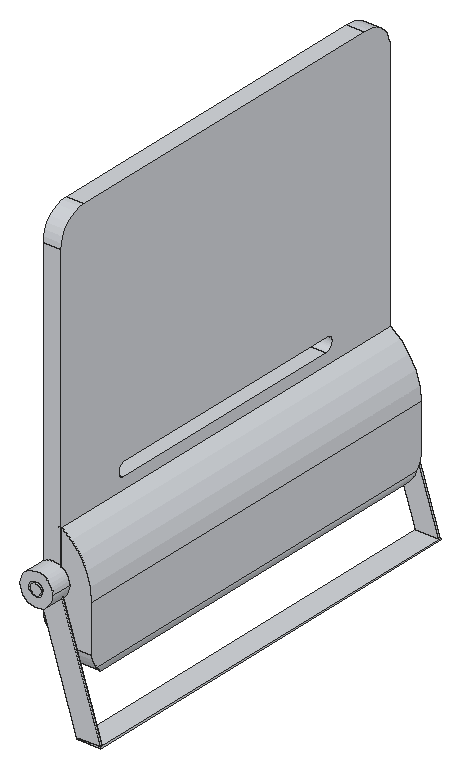
Revit family "2824078", category Generic Models, host Face, Revit 2018
Family settings
  Host = Face
  Can host rebar = No
  Round Connector Dimension = Use Diameter
  Part Type = Normal
  OmniClass Number = 23.80.70.00
  OmniClass Title = Lighting
  Cut with Voids When Loaded = No
  Shared = No
  Room Calculation Point = No
Parameters (values of type "Type Name")
  rotation axis = 142.4 mm
  bracket width = 588 mm
  URL = "http://www.sylvania-lighting.com"
  Type Image = <None>
  Type Comments = "n/a"
  Material_3_SYL = none
  Model = ""
  Manufacturer = "Feilo Sylvania"
  Keynote = ""
  Material_2_SYL = none
  Height = 157.859 mm
  Description = ""
  Default Elevation = 1219.2 mm
  Cost = 0
  Material_1_SYL = none
  Bracket Height = 195 mm
  Assembly Code = ""
  Material_4_SYL = none
Reference planes
  plane 1 "Center (Front/Back)": y = 0
  plane 2: z = 0
  plane 3 "Center (Left/Right)": x = 0
  plane 4: x = -16.5
  plane 5: x = 16.5
  plane 6: z = 155
  plane 7: x = -51.5
  plane 8: z = 137
  plane 9 "Rotation Axis": z = 142.4
  plane 10: z = 152.35
  plane 11: z = 195
  plane 12: x = -73.847
  plane 13: y = 294
  plane 14: y = -294
  plane 15: through (-72.693, -4572, 174.07) normal (-0.3105, 0, 0.9506)
  plane 16: through (-63.557, -4572, 193.954) normal (0.9506, 0, 0.3105)
  plane 17: y = 312
  plane 18: y = 288
  plane 19: y = -312
  plane 20: y = -286
  plane 21: z = 68.797
Forms (mm)
  Extrusion 1, solid, detail levels medium+fine
    sketch origin (0, 0, 0) x (1, 0, 0) y (0, 1, 0)
      loop
        line (-16.5, 294) -> (-16.5, -294) -> (16.5, -294) -> (16.5, 294) -> (-16.5, 294)
    from 0 to 2
  Extrusion 2, solid, detail levels medium+fine
    sketch origin (1524, -474.9, 1220.035) x (1, 0, 0) y (0, 0, 1)
      loop
        line (-1540.496, -1218.035) -> (-1507.966, -1218.035) -> (-1567.674, -1035.217)
        arc (-1567.674, -1035.217) -> (-1587.557, -1026.081) -> (-1596.693, -1045.965) r 15.473
        line (-1596.693, -1045.965) -> (-1540.496, -1218.035)
    from -180.9 to -182.9
  Extrusion 3, solid, detail levels medium+fine
    sketch origin (0, 0, 0.069) x (1, 0, 0) y (0, 0, 1)
      loop
        line (-16.39, 1.931) -> (16.139, 1.931) -> (-43.636, 184.958)
        arc (-43.636, 184.958) -> (-63.457, 193.922) -> (-72.656, 174.21) r 15.474
        line (-72.656, 174.21) -> (-16.39, 1.931)
    from -294 to -292
  Extrusion 4, solid, detail levels medium+fine
    sketch origin (-6.388, 0, 36.204) x (1, 0, 0) y (0, 0, 1)
      loop
        circle (-51.99, 142.374) r 22.5
    from -286.248 to -312
  Extrusion 5, solid, detail levels medium+fine
    sketch origin (-6.358, 0, 36.195) x (1, 0, 0) y (0, 0, 1)
      loop
        circle (-51.99, 142.374) r 22.5
    from 283.024 to 312
  Extrusion 6, void
    sketch origin (-6.561, 0, 36.284) x (1, 0, 0) y (0, 0, 1)
      loop
        circle (-51.99, 142.374) r 10
    from 294 to 312
  Extrusion 7, solid, detail levels fine
    sketch origin (-6.561, 0, 36.201) x (1, 0, 0) y (0, 0, 1)
      loop
        circle (-51.99, 142.374) r 7.5
    from 294 to 312
  Extrusion 8, void
    sketch origin (1517.357, -324.9, 1255.472) x (1, 0, 0) y (0, 0, 1)
      loop
        circle (-1575.99, -1076.826) r 10
    from -636.9 to -618.9
  Extrusion 9, solid, detail levels fine
    sketch origin (1517.42, -324.9, 1255.374) x (1, 0, 0) y (0, 0, 1)
      loop
        circle (-1575.99, -1076.826) r 7.5
    from -636.9 to -618.9
  Revolve 10, solid, not visible, detail levels coarse
    sketch origin (-58.257, 1655.459, 1254.912) x (0, 1, 0) y (0, 0, 1)
      loop
        line (-1369.21, -1054.349) -> (-1379.437, -1054.349) -> (-1379.437, -1074.349) -> (-1369.21, -1074.349) -> (-1369.21, -1054.349)
      axis (-1369.21, -1076.8) -> (-1379.437, -1076.8)
    angle from 0 to 180
Cuts and joins
  Extrusion 6 cuts Extrusion 5
  Extrusion 8 cuts Extrusion 4
Dimensions and locks
  "Bracket Height": plane 11 to level
  "bracket width": plane 14 to plane 13
  equal spacing: plane 14, plane 1 "Center (Front/Back)", plane 13
  aligned and locked: plane 2 to host face
  aligned and locked: level to host face
Automatic sketch dimensions
  host sketch curve to host sketch curve = 2438.4 mm  (x2)
  Extrusion 1 sketch curve to plane 4 = 0 mm
  Extrusion 1 sketch curve to plane 5 = 0 mm
  Extrusion 4 sketch curve to plane 9 "Rotation Axis" = 36.178 mm
  Extrusion 5 sketch curve to plane 9 "Rotation Axis" = 36.169 mm
  Extrusion 6 sketch curve to plane 9 "Rotation Axis" = 36.258 mm
  Extrusion 7 sketch curve to plane 9 "Rotation Axis" = 36.175 mm
  Extrusion 8 sketch curve to plane 9 "Rotation Axis" = 36.246 mm
  Extrusion 9 sketch curve to plane 9 "Rotation Axis" = 36.148 mm
  Revolve 10 sketch curve to plane 9 "Rotation Axis" = 35.712 mm
  Revolve 10 sketch curve to Revolve 10 sketch curve = 10.227 mm
  Revolve 10 sketch curve to plane 9 "Rotation Axis" = 38.163 mm
  plane 6 to Revolve 10 sketch curve = 45.563 mm
  Revolve 10 sketch curve to Revolve 10 sketch curve = 62.43 mm
  Revolve 10 sketch curve to Revolve 10 sketch curve = 22.367 mm
  plane 12 to Extrusion 2 sketch curve = 1.154 mm
  plane 7 to Extrusion 2 sketch curve = 6.684 mm
  Extrusion 2 sketch curve to plane 7 = 7.826 mm
  plane 4 to Extrusion 2 sketch curve = 0.004 mm
  level to Extrusion 2 sketch curve = 2 mm
  plane 6 to Extrusion 2 sketch curve = 19.07 mm
  Extrusion 2 sketch curve to Extrusion 2 sketch curve = 5.374 mm
  Extrusion 2 sketch curve to plane 5 = 0.466 mm
  plane 12 to Extrusion 3 sketch curve = 1.191 mm
  plane 7 to Extrusion 3 sketch curve = 6.582 mm
  Extrusion 3 sketch curve to plane 7 = 7.864 mm
  plane 4 to Extrusion 3 sketch curve = 0.11 mm
  Extrusion 3 sketch curve to plane 5 = 0.361 mm
  level to Extrusion 3 sketch curve = 2 mm
  Extrusion 3 sketch curve to Extrusion 3 sketch curve = 5.202 mm
  Extrusion 3 sketch curve to plane 11 = 9.973 mm
  plane 7 to Extrusion 6 sketch curve = 7.052 mm
  plane 7 to Extrusion 7 sketch curve = 7.051 mm
  plane 7 to Extrusion 9 sketch curve = 7.07 mm
  plane 7 to Extrusion 4 sketch curve = 6.879 mm
  plane 7 to Extrusion 5 sketch curve = 6.848 mm
  plane 7 to Extrusion 8 sketch curve = 7.133 mm
  Extrusion 1 sketch curve to plane 13 = 0 mm
  Extrusion 1 sketch curve to plane 14 = 0 mm
  Revolve 10 sketch curve to plane 18 = 11.979 mm
  radius of Extrusion 4 sketch curve = 22.5 mm
  radius of Extrusion 5 sketch curve = 22.5 mm
  radius of Extrusion 6 sketch curve = 10 mm
  radius of Extrusion 7 sketch curve = 7.5 mm
  radius of Extrusion 8 sketch curve = 10 mm
  radius of Extrusion 9 sketch curve = 7.5 mm
Nested families
  nested 1: "2824078" at (-58.257, -66.148, 322.5) x (0, 1, 0) z (1, 0, 0), type "2824078 RAIDEN IP66 40KLM 840 ASYM"
    with built-in parameter 1114216 (empty or 0)
Definition of nested family "2824078"
  Parameters (values of type "2824078 RAIDEN IP66 40KLM 840 ASYM")
    height = 60 mm
    Width = 319 mm
    Wattage Comments = "n/a"
    Wattage = 9.2903 W
    built-in parameter 1150110 = 1 (stored number, unit not read)
    URL = "0.95"
    Type Image = (empty or 0)
    Type Comments = "n/a"
    built-in parameter 1114217 = 1 (stored number, unit not read)
    Tilt Angle = -90.00°
    built-in parameter 1150109 = 1 (stored number, unit not read)
    built-in parameter 1150134 = 3
    built-in parameter 1150113 = 1 (stored number, unit not read)
    Photometric Web File = "2824078.IES"
    Material_3_SYL = none
    Model = "Raiden IP66 40KLM 840 Asymmetric Wide"
    Manufacturer = ""
    built-in parameter 1150105 = 109.82 (stored number, unit not read)
    Lumens = 1380 lm
    built-in parameter 1150115 = 1 (stored number, unit not read)
    built-in parameter 1150137 = (empty or 0)
    built-in parameter 1150139 = (empty or 0)
    Length = 511 mm
    built-in parameter 1150112 = 1 (stored number, unit not read)
    built-in parameter 1150114 = 1 (stored number, unit not read)
    Lamp = "n/a"
    Keynote = "n/a"
    Material_2_SYL = none
    built-in parameter 1150132 = (empty or 0)
    built-in parameter 1150102 = (empty or 0)
    built-in parameter 1150107 = 3200 (stored number, unit not read)
    built-in parameter 1150138 = (empty or 0)
    built-in parameter 1150106 = 1.0982 (stored number, unit not read)
    Emit from Circle Diameter = 609.6 mm
    Emit Shape Visible in Rendering = no
    built-in parameter 1150104 = 13.8 (stored number, unit not read)
    Dimming Lamp Color Temperature Shift = (empty or 0)
    Description = "Outdoor and indoor floodlight range with in house design, comes complete with 1m flying lead and adjustable bracket, aluminium housing, RAL 9022 - Pearl light grey, clear glass diffuser, IP66, IK08, Class I, 4000K, Non-dimming, 38900lm, 294W, 132lm/W, CRI80, Asymmetric Wide beam angle 110*50°, 100000 hrs L80B50 lifespan, 561x569x76mm (LxWxH) dimensions, 13.4kg weight."
    Default Elevation = 1219.2 mm
    Cost = 0
    Color Filter = 16777215
    built-in parameter 1114216 [instance] = (empty or 0)
    Material_1_SYL = none
    Body Length = 561 mm
    built-in parameter 1114218 = 1 (stored number, unit not read)
    built-in parameter 1150133 = 10 (stored number, unit not read)
    Assembly Code = "D5020200"
    Apparent Load = 294 VA
    Material_4_SYL = none
  Reference planes
    plane 1 "Center (Front/Back)": y = 2.5
    plane 2: z = 0.95
    plane 3 "Center (Left/Right)": x = 68.124
    plane 4: z = -14.05
    plane 5: z = 15.95
    plane 6: z = 0.95
    plane 7: z = 45.95
    plane 8: y = -253
    plane 9: y = -56
    plane 10: x = 253.624
    plane 11: x = -117.376
    plane 12: x = -123.376
    plane 13: y = -226
    plane 14: y = -76
    plane 15: y = -41.5
    plane 16: y = -213
    plane 17: x = 187.624
    plane 18: x = 259.624
    plane 19: x = 352.624
    plane 20: x = -216.376
    plane 21: x = -194.376
    plane 22: x = 330.624
    plane 23: y = 308
    plane 24: y = 286
    plane 25: x = 322.624
  Forms (mm)
    Extrusion 1, solid
      sketch origin (26.073, 0, 0.95) x (1, 0, 0) y (0, 1, 0)
        loop
          line (-1219.2, 1219.2) -> (-1219.2, -1219.2) -> (1219.2, -1219.2) -> (1219.2, 1219.2) -> (-1219.2, 1219.2)
      from 0 to -68.017
    Extrusion 2, solid, detail levels medium+fine
      sketch origin (83.124, -34.451, 0.95) x (1, 0, 0) y (0, 1, 0)
        loop
          line (-299.5, 302.451) -> (-299.5, -151.549)
          arc (-299.5, -151.549) -> (-287.784, -179.833) -> (-259.5, -191.549) r 40
          line (-259.5, -191.549) -> (229.5, -191.549)
          arc (229.5, -191.549) -> (257.784, -179.833) -> (269.5, -151.549) r 40
          line (269.5, -151.549) -> (269.5, 303.451)
          arc (269.5, 303.451) -> (256.273, 332.849) -> (225.5, 342.451) r 39.284
          line (225.5, 342.451) -> (-259.5, 342.451)
          arc (-259.5, 342.451) -> (-287.784, 330.735) -> (-299.5, 302.451) r 40
      from -15 to 9.702
    Extrusion 3, solid, detail levels medium+fine
      sketch origin (402.124, 1489.549, 1205.15) x (0, 1, 0) y (0, 0, 1)
        loop
          line (-1644.468, -1151.519) -> (-1728.014, -1151.519)
          arc (-1728.014, -1151.519) -> (-1739.904, -1157.404) -> (-1742.436, -1170.427) r 14.954
          line (-1742.436, -1170.427) -> (-1715.549, -1219.2) -> (-1565.549, -1219.2) -> (-1565.549, -1194.2)
          arc (-1565.549, -1194.2) -> (-1599.607, -1162.873) -> (-1644.468, -1151.519) r 94.303
      from -618.5 to -49.5
    Extrusion 4, void
      sketch origin (81.72, -11.578, 0.95) x (1, 0, 0) y (0, 1, 0)
        loop
          arc (-276.096, 29.078) -> (-271.703, 18.471) -> (-261.096, 14.078) r 15
          line (-261.096, 14.078) -> (233.904, 14.078)
          arc (233.904, 14.078) -> (244.51, 18.471) -> (248.904, 29.078) r 15
          line (248.904, 29.078) -> (248.904, 282.578)
          arc (248.904, 282.578) -> (244.51, 293.184) -> (233.904, 297.578) r 15
          line (233.904, 297.578) -> (-261.096, 297.578)
          arc (-261.096, 297.578) -> (-271.703, 293.184) -> (-276.096, 282.578) r 15
          line (-276.096, 282.578) -> (-276.096, 29.078)
      from -16.268 to -10.594
    Extrusion 5, solid, detail levels fine
      sketch origin (83.124, 0.218, 0.95) x (1, 0, 0) y (0, 1, 0)
        loop
          arc (-262.5, 285.782) -> (-273.107, 281.388) -> (-277.5, 270.782) r 15
          line (-277.5, 270.782) -> (-277.5, 17.282)
          arc (-277.5, 17.282) -> (-273.107, 6.675) -> (-262.5, 2.282) r 15
          line (-262.5, 2.282) -> (232.5, 2.282)
          arc (232.5, 2.282) -> (243.107, 6.675) -> (247.5, 17.282) r 15
          line (247.5, 17.282) -> (247.5, 270.782)
          arc (247.5, 270.782) -> (243.107, 281.388) -> (232.5, 285.782) r 15
          line (232.5, 285.782) -> (-262.5, 285.782)
      from -12.231 to -10.594
    Extrusion 6, void
      sketch origin (58.977, -53.062, 0.95) x (1, 0, 0) y (0, 1, 0)
        loop
          arc (184.512, -8.423) -> (194.512, 1.577) -> (184.512, 11.577) r 10
          line (184.512, 11.577) -> (-166.339, 11.577)
          arc (-166.339, 11.577) -> (-176.339, 1.577) -> (-166.339, -8.423) r 10
          line (-166.339, -8.423) -> (184.512, -8.423)
      from -18.734 to 12.525
    Extrusion 7, void
      sketch origin (68.124, -34.451, 0) x (0, 1, 0) y (0, 0, 1)
        loop
          line (-253.049, 15.95) -> (-253.049, -34.125) -> (-191.549, -30.902) -> (-191.549, 15.95) -> (-253.049, 15.95)
      from 191.5 to 306.113
    Extrusion 8, void
      sketch origin (68.124, -34.451, 0) x (0, 1, 0) y (0, 0, 1)
        loop
          line (-191.549, 15.95) -> (-275.432, 15.95) -> (-275.432, -28.004) -> (-191.549, -28.004) -> (-191.549, 15.95)
      from -308.216 to -191.5
    Extrusion 9, void
      sketch origin (-101.376, -126, 0.95) x (1, 0, 0) y (0, 1, 0)
        loop
          line (-115, -60) -> (-115, -100) -> (-75, -100)
          arc (-75, -100) -> (-103.284, -88.284) -> (-115, -60) r 40
      from -22.043 to 15
    Extrusion 10, void
      sketch origin (216.954, 19.065, 0.95) x (1, 0, 0) y (0, 1, 0)
        loop
          line (95.67, -245.065) -> (135.67, -245.065) -> (135.67, -205.065)
          arc (135.67, -205.065) -> (123.954, -233.349) -> (95.67, -245.065) r 40
      from -24.354 to 15
    Extrusion 11, solid, detail levels medium+fine
      sketch origin (1742.042, -359.351, 1205.129) x (1, 0, 0) y (0, 0, 1)
        loop
          circle (-1419.5, -1204.2) r 11
      from -140.977 to -106.464
    Extrusion 12, void
      sketch origin (-125, 0, 0.95) x (1, 0, 0) y (0, 1, 0)
        loop
          line (-91.376, -186) -> (-91.376, -226) -> (-51.376, -226)
          arc (-51.376, -226) -> (-79.66, -214.284) -> (-91.376, -186) r 40
      from -15 to 15
    Extrusion 13, void
      sketch origin (-125.5, 7.123, 0.95) x (1, 0, 0) y (0, 1, 0)
        loop
          line (-91.376, -221) -> (-91.376, -261) -> (-51.376, -261)
          arc (-51.376, -261) -> (-79.66, -249.284) -> (-91.376, -221) r 40
      from 0 to 100
    Extrusion 14, void
      sketch origin (125, 3.379, 0.95) x (1, 0, 0) y (0, 1, 0)
        loop
          arc (227.624, -217.683) -> (215.905, -245.976) -> (187.612, -257.696) r 40.012
          line (187.612, -257.696) -> (227.624, -257.696) -> (227.624, -217.683)
      from 12.525 to 100
    Extrusion 15, solid, detail levels coarse
      sketch origin (0, 0, 0.95) x (1, 0, 0) y (0, 1, 0)
        loop
          line (-216.376, 308) -> (-216.376, -252.887) -> (352.624, -252.887) -> (352.624, 308) -> (-216.376, 308)
      from -15 to 52.681
  Cuts and joins
    Extrusion 4, Extrusion 6, Extrusion 7, Extrusion 8, Extrusion 9, Extrusion 10, Extrusion 12 cuts Extrusion 2
    Extrusion 6, Extrusion 7, Extrusion 8, Extrusion 9, Extrusion 10, Extrusion 12, Extrusion 13, Extrusion 14 cuts Extrusion 3
    Extrusion 14 cuts Extrusion 11
  Dimensions and locks
    "height": plane 4 to plane 7
    plane 1 "Center (Front/Back)" to plane 8 = 255.5 mm
    Extrusion 15 to Extrusion 2 = 534 mm
    plane 1 "Center (Front/Back)" to Extrusion 5 = 283.5 mm
    "Body Length": plane 23 to plane 8
    aligned and locked: plane 2 to Extrusion 1
    aligned and locked: level to Extrusion 1
  Automatic sketch dimensions
    Extrusion 1 sketch curve to Extrusion 1 sketch curve = 2438.4 mm  (x2)
    Extrusion 4 sketch curve to plane 3 "Center (Left/Right)" = 262.5 mm
    Extrusion 4 sketch curve to Extrusion 4 sketch curve = 15 mm  (x3)
    plane 1 "Center (Front/Back)" to Extrusion 4 sketch curve = 0 mm
    Extrusion 4 sketch curve to Extrusion 4 sketch curve = 253.5 mm
    Extrusion 5 sketch curve to plane 3 "Center (Left/Right)" = 262.5 mm
    Extrusion 5 sketch curve to Extrusion 5 sketch curve = 15 mm  (x2)
    plane 1 "Center (Front/Back)" to Extrusion 5 sketch curve = 0 mm
    Extrusion 5 sketch curve to Extrusion 5 sketch curve = 253.5 mm
    Extrusion 7 sketch curve to plane 5 = 0 mm
    Extrusion 7 sketch curve to plane 4 = 16.852 mm
    Extrusion 7 sketch curve to plane 4 = 20.075 mm
    Extrusion 8 sketch curve to plane 5 = 0 mm
    Extrusion 8 sketch curve to plane 4 = 13.954 mm
    Extrusion 8 sketch curve to Extrusion 8 sketch curve = 83.883 mm
    Extrusion 9 sketch curve to plane 3 "Center (Left/Right)" = 284.5 mm
    Extrusion 9 sketch curve to Extrusion 9 sketch curve = 40 mm
    Extrusion 11 sketch curve to level = 0.021 mm
    Extrusion 10 sketch curve to Extrusion 10 sketch curve = 40 mm
    plane 13 to Extrusion 12 sketch curve = 0 mm
    Extrusion 13 sketch curve to plane 16 = 0.877 mm
    Extrusion 13 sketch curve to plane 8 = 0.877 mm
    plane 17 to Extrusion 14 sketch curve = 124.988 mm
    Extrusion 14 sketch curve to plane 16 = 1.305 mm
    Extrusion 14 sketch curve to plane 8 = 1.317 mm
    Extrusion 7 sketch curve to plane 13 = 0 mm
    Extrusion 7 sketch curve to plane 8 = 34.5 mm
    Extrusion 8 sketch curve to plane 13 = 0 mm
    Extrusion 9 sketch curve to plane 13 = 0 mm
    Extrusion 10 sketch curve to plane 13 = 0 mm
    plane 9 to Extrusion 6 sketch curve = 14.516 mm
    plane 14 to Extrusion 6 sketch curve = 14.516 mm
    plane 11 to Extrusion 6 sketch curve = 10.014 mm
    Extrusion 6 sketch curve to plane 10 = 10.135 mm
    Extrusion 3 sketch curve to plane 4 = 0 mm
    Extrusion 3 sketch curve to plane 13 = 0 mm
    Extrusion 3 sketch curve to plane 14 = 0 mm
    plane 8 to Extrusion 3 sketch curve = 14.535 mm
    plane 8 to Extrusion 3 sketch curve = 0.113 mm
    Extrusion 3 sketch curve to plane 4 = 26.622 mm
    Extrusion 3 sketch curve to plane 7 = 11.227 mm
    Extrusion 3 sketch curve to plane 7 = 7.273 mm
    Extrusion 3 sketch curve to plane 5 = 5 mm
    plane 8 to Extrusion 15 sketch curve = 0.113 mm
    Extrusion 15 sketch curve to plane 20 = 0 mm
    plane 17 to Extrusion 4 sketch curve = 128 mm  (x2)
    plane 17 to Extrusion 5 sketch curve = 128 mm  (x2)
    Extrusion 10 sketch curve to plane 19 = 0 mm
    plane 17 to Extrusion 11 sketch curve = 134.918 mm
    Extrusion 15 sketch curve to plane 19 = 0 mm
    Extrusion 15 sketch curve to plane 23 = 0 mm
    Extrusion 12 sketch curve to plane 20 = 0 mm
    plane 21 to Extrusion 12 sketch curve = 18 mm
    Extrusion 5 sketch curve to plane 22 = 0 mm
    Extrusion 2 sketch curve to plane 20 = 0 mm
    Extrusion 2 sketch curve to plane 13 = 0 mm
    Extrusion 2 sketch curve to plane 23 = 0 mm
    Extrusion 2 sketch curve to plane 19 = 0 mm
    plane 21 to Extrusion 2 sketch curve = 18 mm  (x2)
    Extrusion 2 sketch curve to plane 22 = 18 mm
    Extrusion 2 sketch curve to plane 24 = 17 mm
    Extrusion 2 sketch curve to Extrusion 2 sketch curve = 39.284 mm
    Extrusion 13 sketch curve to plane 20 = 0.5 mm
    radius of Extrusion 11 sketch curve = 11 mm
  Connectors
    electrical at (322.542, -252.887, 0.929)
      settings: on Extrusion 11, index 1, voltage 0 V, apparent load 0 VA, apparent load phase1 0 VA, apparent load phase2 0 VA, apparent load phase3 0 VA, power factor 1, load classification none, number of poles 1, system type 31, power factor state 1, is connector primary yes, connector utility no, sub classification motor no, connector description ""
